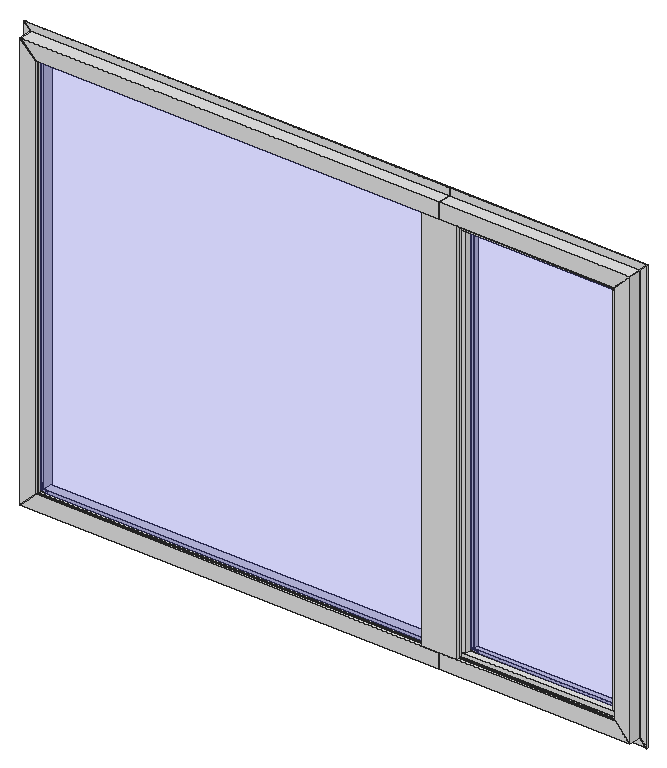
Revit family "511_CP_nailfin", category Windows, host Wall, Revit 2016
Family settings
  Host = Wall
  OmniClass Number = 23.30.20.00
  OmniClass Title = Windows
  Always vertical = Yes
  Cut with Voids When Loaded = No
  Shared = No
  Room Calculation Point = No
Parameters (values of type "96x66")
  MLW4 = 1 / 8 * Height  # 8 1/4"
  MLW3 = 2.811"
  MLW2 = 3.62422"
  MLW1 = 3.2495"
  MLH = 1 / 2 * Height  # 33"
  Interior Color [instance] = White
  Exterior Color [instance] = White
  Bar set = 30"
  Height = 66"
  Default Sill Height = 31.49606"
  Wall Closure = By host
  Width = 96"
Types (65): name | MLW4 | MLH | Interior Color | Exterior Color | Bar set | Height | Width
  (no name) | 8 1/4" | 33" | White | White | 30" | 66" | 96"
  48x36 | 4 1/2" | 18" | none | none | 24" | 36" | 48"
  72x48 | 6" | 24" | none | none | 36" | 48" | 72"
  25.5x19.75Min | 2 15/32" | 9 7/8" | none | none | 13 1/2" | 19 3/4" | 25 1/2"
  96x72Max | 9" | 36" | none | none | 30" | 72" | 96"
  36x24 | 3" | 12" | none | none | 18" | 24" | 36"
  60x48 | 6" | 24" | none | none | 30" | 48" | 60"
  30x24 | 3" | 12" | none | none | 18" | 24" | 30"
  30x30 | 3 3/4" | 15" | none | none | 18" | 30" | 30"
  30x36 | 4 1/2" | 18" | none | none | 18" | 36" | 30"
  30x42 | 5 1/4" | 21" | none | none | 18" | 42" | 30"
  30x48 | 6" | 24" | none | none | 18" | 48" | 30"
  30x54 | 6 3/4" | 27" | none | none | 18" | 54" | 30"
  36x30 | 3 3/4" | 15" | none | none | 18" | 30" | 36"
  36x36 | 4 1/2" | 18" | none | none | 18" | 36" | 36"
  36x42 | 5 1/4" | 21" | none | none | 18" | 42" | 36"
  36x48 | 6" | 24" | none | none | 18" | 48" | 36"
  36x54 | 6 3/4" | 27" | none | none | 18" | 54" | 36"
  42x24 | 3" | 12" | none | none | 24" | 24" | 42"
  42x30 | 3 3/4" | 15" | none | none | 24" | 30" | 42"
  42x36 | 4 1/2" | 18" | none | none | 24" | 36" | 42"
  42x42 | 5 1/4" | 21" | none | none | 24" | 42" | 42"
  42x48 | 6" | 24" | none | none | 24" | 48" | 42"
  42x54 | 6 3/4" | 27" | none | none | 24" | 54" | 42"
  42x60 | 7 1/2" | 30" | none | none | 24" | 60" | 42"
  48x30 | 3 3/4" | 15" | none | none | 24" | 30" | 48"
  48x42 | 5 1/4" | 21" | none | none | 24" | 42" | 48"
  48x48 | 6" | 24" | none | none | 24" | 48" | 48"
  48x54 | 6 3/4" | 27" | none | none | 24" | 54" | 48"
  48x60 | 7 1/2" | 30" | none | none | 24" | 60" | 48"
  48x66 | 8 1/4" | 33" | none | none | 24" | 66" | 48"
  54x30 | 3 3/4" | 15" | none | none | 30" | 30" | 54"
  54x36 | 4 1/2" | 18" | none | none | 30" | 36" | 54"
  54x42 | 5 1/4" | 21" | none | none | 30" | 42" | 54"
  54x48 | 6" | 24" | none | none | 30" | 48" | 54"
  54x54 | 6 3/4" | 27" | none | none | 30" | 54" | 54"
  54x60 | 7 1/2" | 30" | none | none | 30" | 60" | 54"
  54x66 | 8 1/4" | 33" | none | none | 30" | 66" | 54"
  54x72 | 9" | 36" | none | none | 30" | 72" | 54"
  60x36 | 4 1/2" | 18" | none | none | 30" | 36" | 60"
  60x42 | 5 1/4" | 21" | none | none | 30" | 42" | 60"
  60x54 | 6 3/4" | 27" | none | none | 30" | 54" | 60"
  60x60 | 7 1/2" | 30" | none | none | 30" | 60" | 60"
  60x66 | 8 1/4" | 33" | none | none | 30" | 66" | 60"
  60x72 | 9" | 36" | none | none | 30" | 72" | 60"
  66x36 | 4 1/2" | 18" | none | none | 30" | 36" | 66"
  66x42 | 5 1/4" | 21" | none | none | 30" | 42" | 66"
  66x48 | 6" | 24" | none | none | 30" | 48" | 66"
  66x54 | 6 3/4" | 27" | none | none | 30" | 54" | 66"
  66x60 | 7 1/2" | 30" | none | none | 30" | 60" | 66"
  66x66 | 8 1/4" | 33" | none | none | 30" | 66" | 66"
  66x72 | 8 1/4" | 33" | none | none | 30" | 66" | 66"
  72x54 | 6 3/4" | 27" | none | none | 36" | 54" | 72"
  72x60 | 7 1/2" | 30" | none | none | 36" | 60" | 72"
  72x66 | 8 1/4" | 33" | none | none | 30" | 66" | 72"
  72x72 | 9" | 36" | none | none | 30" | 72" | 72"
  90x54 | 6 3/4" | 27" | none | none | 36" | 54" | 90"
  90x48 | 6" | 24" | none | none | 36" | 48" | 90"
  90x60 | 7 1/2" | 30" | none | none | 36" | 60" | 90"
  90x66 | 8 1/4" | 33" | none | none | 30" | 66" | 90"
  90x72 | 9" | 36" | none | none | 30" | 72" | 90"
  96x48 | 6" | 24" | none | none | 36" | 48" | 96"
  96x54 | 6 3/4" | 27" | none | none | 36" | 54" | 96"
  96x60 | 7 1/2" | 30" | none | none | 36" | 60" | 96"
  96x66 | 8 1/4" | 33" | White | White | 30" | 66" | 96"
Reference planes (in)
  plane 1 "Center (Front/Back)": y = 0
  plane 2 "Center (Left/Right)": x = 0
  plane 3 "Left": x = -48
  plane 4 "Right": x = 48
  plane 5 "Sill": z = 31.49606
  plane 6 "Head": z = 97.49606
  plane 7 "Exterior": y = 3.93701
  plane 8 "Interior": y = -3.93701
  plane 9 "Front of wall": y = 3.93701
  plane 10 "MD": x = 18
  plane 11: z = 33.55806
  plane 12: z = 94.74656
  plane 13: x = -45.938
  plane 14: x = 15.56372
  plane 15: x = 45.2505
  plane 16: x = 21.11316
  plane 17 "MLW1": x = 21.62422
  plane 18 "MLW2": x = 44.7505
  plane 19: z = 34.24556
  plane 20: z = 95.43645
  plane 21 "Front of glass": y = 4.21901
Forms (in)
  Extrusion 1, solid, material "White" <- "Interior Color"
    sketch origin (18, 0, 0) x (0, 0, 1) y (0, 1, 0)
      loop
        line (95.12345, 1.88701) -> (97.49606, 1.88701) -> (97.49606, 3.93701) -> (98.62106, 3.93701) -> (98.62106, 4.01201) -> (97.49606, 4.01201) -> (97.49606, 5.07815) -> (97.47845, 5.10865) -> (97.47845, 5.26201) -> (97.51845, 5.26201) -> (97.51845, 5.38701) -> (96.93026, 5.38701) -> (96.84635, 4.78995) -> (94.9331, 4.78995) -> (94.9331, 3.25701) -> (95.43645, 3.25701) -> (95.43645, 2.51251) -> (94.93645, 2.51251) -> (94.93545, 2.26201) -> (95.12345, 2.26201) -> (95.12345, 1.88701)
    from 0 to 67.125
  Extrusion 2, solid, material "White" <- "Interior Color"
    sketch origin (48, 0, 0) x (0, -1, 0) y (0, 0, 1)
      loop
        line (-2.58701, 94.74656) -> (-2.26201, 94.74656) -> (-2.26201, 95.12106) -> (-1.88701, 95.12106) -> (-1.88701, 97.49606) -> (-3.93701, 97.49606) -> (-3.93701, 98.62106) -> (-4.01201, 98.62106) -> (-4.01201, 97.49606) -> (-5.07401, 97.49606) -> (-5.09784, 97.47606) -> (-5.26201, 97.47606) -> (-5.26201, 97.51606) -> (-5.38701, 97.51606) -> (-5.38701, 96.92787) -> (-5.03701, 96.87868) -> (-5.03701, 94.87156) -> (-4.99701, 94.87156) -> (-4.99701, 94.30847) -> (-4.25691, 94.30847) -> (-4.21901, 94.28424) -> (-4.21901, 94.74656) -> (-3.47451, 94.74656) -> (-3.47451, 94.24656) -> (-2.58701, 94.24656) -> (-2.58701, 94.74656)
    from -1.125 to 30
  Extrusion 3, solid, material "White" <- "Interior Color"
    sketch origin (0, 0, 60.49606) x (1, 0, 0) y (0, 1, 0)
      loop
        line (-47.3479, 4.78995) -> (-47.43181, 5.38701) -> (-48.02, 5.38701) -> (-48.02, 5.26201) -> (-47.98, 5.26201) -> (-47.98, 5.10865) -> (-48, 5.07401) -> (-48, 4.01201) -> (-49.125, 4.01201) -> (-49.125, 3.93701) -> (-48, 3.93701) -> (-48, 1.88701) -> (-45.625, 1.88701) -> (-45.625, 2.26201) -> (-45.43691, 2.26201) -> (-45.438, 2.51251) -> (-45.938, 2.51251) -> (-45.938, 3.25701) -> (-45.43465, 3.25701) -> (-45.43465, 4.78995) -> (-47.3479, 4.78995)
    from -30.125 to 38.125
  Extrusion 4, solid, material "White" <- "Interior Color"
    sketch origin (0, 0, 60.49606) x (1, 0, 0) y (0, 1, 0)
      loop
        line (47.38262, 5.03701) -> (45.3755, 5.03701) -> (45.3755, 4.99701) -> (44.8125, 4.99701) -> (44.8125, 4.25701) -> (44.7882, 4.21901) -> (45.2505, 4.21901) -> (45.2505, 3.47451) -> (44.7505, 3.47451) -> (44.7505, 2.58701) -> (45.437, 2.58701) -> (45.437, 2.26201) -> (45.625, 2.26201) -> (45.625, 1.88766) -> (48, 1.88766) -> (48, 3.93701) -> (49.125, 3.93701) -> (49.125, 4.01201) -> (48, 4.01201) -> (48, 5.07401) -> (47.98, 5.10257) -> (47.98, 5.26201) -> (48.02, 5.26201) -> (48.02, 5.38701) -> (47.43181, 5.38701) -> (47.38262, 5.03701)
    from -30.125 to 38.125
  Extrusion 5, solid, material "White" <- "Interior Color"
    sketch origin (0, 0, 60.49606) x (1, 0, 0) y (0, 1, 0)
      loop
        line (18.94291, 5.38701) -> (17.05709, 5.38701) -> (16.97262, 4.78995) -> (15.05937, 4.78995) -> (15.05937, 3.25701) -> (15.56372, 3.25701) -> (15.56372, 2.51251) -> (15.06272, 2.51251) -> (15.06172, 2.26201) -> (15.24947, 2.26201) -> (15.24947, 1.88701) -> (20.74972, 1.88701) -> (20.74972, 2.26201) -> (20.93772, 2.26201) -> (20.93772, 2.58667) -> (21.62422, 2.58667) -> (21.62422, 3.47451) -> (21.11316, 3.47451) -> (21.11316, 4.21901) -> (21.58652, 4.21901) -> (21.56222, 4.25701) -> (21.56222, 4.99701) -> (20.99922, 4.99701) -> (20.99922, 5.03901) -> (18.99182, 5.03901) -> (18.94291, 5.38701)
    from -29 to 38.125
  Sweep 6, void
    path in 3D
      loop
        line (43.65964, 9.24338, 97.49606) -> (43.65964, 3.93701, 97.49606)
    profile origin (43.65964, 6.59019, 97.49606) x (1, 0, 0) y (0, 0, 1)
      loop
        line (5.74842, 1.40806) -> (0.58224, 1.40806) -> (0.58224, -3.18759) -> (1.71586, -3.18759) -> (1.71586, -2.6245) -> (5.74842, 1.40806)
  Sweep 7, void
    path in 3D
      loop
        line (43.65964, 9.24338, 97.49606) -> (43.65964, 3.93701, 97.49606)
    profile origin (43.65964, 6.59019, 97.49606) x (1, 0, 0) y (0, 0, 1)
      loop
        line (1.71586, -2.6245) -> (1.71586, -3.72273) -> (5.86891, -3.72273) -> (5.86891, 1.52855) -> (1.71586, -2.6245)
  Sweep 8, void
    path in 3D
      loop
        line (16.6834, 9.24338, 97.49606) -> (16.6834, 3.93701, 97.49606)
    profile origin (16.6834, 6.59019, 97.49606) x (1, 0, 0) y (0, 0, 1)
      loop
        line (4.31641, -2.6245) -> (2.26009, -0.56819) -> (0.28922, -0.56819) -> (0.28922, -3.18759) -> (4.31641, -3.18759) -> (4.31641, -2.6245)
  Sweep 9, void
    path in 3D
      loop
        line (16.6834, 9.24338, 97.49606) -> (16.6834, 3.93701, 97.49606)
    profile origin (16.6834, 6.59019, 97.49606) x (1, 0, 0) y (0, 0, 1)
      loop
        line (-2.69994, -2.56296) -> (0.28922, -2.56296) -> (0.28922, -0.5658) -> (5.41319, -0.5658) -> (5.41319, 2.08282) -> (-2.69994, 2.08282) -> (-2.69994, -2.56296)
  Sweep 10, void
    path in 3D
      loop
        line (16.6834, 9.24338, 97.49606) -> (16.6834, 3.93701, 97.49606)
    profile origin (16.6834, 6.59019, 97.49606) x (1, 0, 0) y (0, 0, 1)
      loop
        line (2.19448, -0.50257) -> (4.31641, -2.6245) -> (4.31641, -3.18759) -> (5.81641, -3.18759) -> (5.81641, 1.71365) -> (2.19448, 1.71365) -> (2.19448, -0.50257)
  Sweep 11, void
    path in 3D
      loop
        line (44.89445, 8.88043, 31.49606) -> (44.89445, 3.93701, 31.49606)
    profile origin (44.89445, 6.40872, 31.49606) x (1, 0, 0) y (0, 0, 1)
      loop
        line (-0.96264, -2.12731) -> (5.23286, -2.12731) -> (0.48105, 2.6245) -> (0.48105, 3.18759) -> (-0.96264, 3.18759) -> (-0.96264, -2.12731)
  Sweep 12, void
    path in 3D
      loop
        line (44.89445, 8.88043, 31.49606) -> (44.89445, 3.93701, 31.49606)
    profile origin (44.89445, 6.40872, 31.49606) x (1, 0, 0) y (0, 0, 1)
      loop
        line (4.70345, 3.26396) -> (0.48105, 3.26396) -> (0.48105, 2.6245) -> (4.70345, -1.5979) -> (4.70345, 3.26396)
  Sweep 13, void
    path in 3D
      loop
        line (-43.92648, 8.93799, 97.49606) -> (-43.92648, 3.93701, 97.49606)
    profile origin (-43.92648, 6.4375, 97.49606) x (1, 0, 0) y (0, 0, 1)
      loop
        line (-5.40094, 1.32743) -> (-3.42142, -0.6521) -> (-3.42142, -2.56296) -> (-1.17142, -2.56296) -> (-1.17142, 1.32743) -> (-5.40094, 1.32743)
  Sweep 14, void
    path in 3D
      loop
        line (-43.92648, 8.93799, 97.49606) -> (-43.92648, 3.93701, 97.49606)
    profile origin (-43.92648, 6.4375, 97.49606) x (1, 0, 0) y (0, 0, 1)
      loop
        line (-6.42142, 2.3479) -> (-6.42142, -4.6521) -> (-3.42142, -4.6521) -> (-3.42142, -0.6521) -> (-6.42142, 2.3479)
  Sweep 15, void
    path in 3D
      loop
        line (-42.04638, 8.55906, 31.49606) -> (-42.04638, 3.93701, 31.49606)
    profile origin (-42.04638, 6.24804, 31.49606) x (1, 0, 0) y (0, 0, 1)
      loop
        line (-7.40404, -1.45042) -> (-5.30152, 0.6521) -> (-5.30152, 3.4021) -> (-7.40404, 3.4021) -> (-7.40404, -1.45042)
  Sweep 16, void
    path in 3D
      loop
        line (-42.04638, 8.55906, 31.49606) -> (-42.04638, 3.93701, 31.49606)
    profile origin (-42.04638, 6.24804, 31.49606) x (1, 0, 0) y (0, 0, 1)
      loop
        line (-7.54788, -1.59426) -> (-2.71073, -1.59426) -> (-2.71073, 2.56535) -> (-5.30152, 2.56535) -> (-5.30152, 0.6521) -> (-7.54788, -1.59426)
  Extrusion 17, void
    sketch origin (0, 3.93701, 0) x (1, 0, 0) y (0, 0, 1)
      loop
        line (-49.99016, 99.48622) -> (-49.99016, 94.88952) -> (-45.625, 94.88952) -> (-45.625, 95.12106) -> (-49.99016, 99.48622)
    from 0 to 12
  Extrusion 18, void
    sketch origin (0, 3.93701, 0) x (1, 0, 0) y (0, 0, 1)
      loop
        line (-49.7353, 99.23136) -> (-45.625, 95.12106) -> (-45.625, 94.93645) -> (-45.25723, 94.93645) -> (-45.25723, 99.23136) -> (-49.7353, 99.23136)
    from 0 to 12
  Extrusion 19, void
    sketch origin (0, 3.93701, 0) x (1, 0, 0) y (0, 0, 1)
      loop
        line (49.67949, 99.17555) -> (45.625, 95.12106) -> (45.625, 94.93306) -> (45.437, 94.93306) -> (45.437, 93.92014) -> (49.67949, 93.92014) -> (49.67949, 99.17555)
    from 0 to 12
  Extrusion 20, void
    sketch origin (0, 3.93701, 0) x (1, 0, 0) y (0, 0, 1)
      loop
        line (50, 99.49606) -> (44.687, 99.49606) -> (44.687, 94.24656) -> (45.437, 94.24656) -> (45.437, 94.93306) -> (45.625, 94.93306) -> (45.625, 95.12106) -> (50, 99.49606)
    from 0 to 12
  Extrusion 21, solid, material "Glass"
    sketch origin (0, 0, 60.49606) x (1, 0, 0) y (0, 1, 0)
      loop
        line (-45.938, 3.25701) -> (-45.938, 2.51251) -> (15.56372, 2.51251) -> (15.56372, 3.25701) -> (-45.938, 3.25701)
    from -26.938 to 34.94039
  Extrusion 22, solid, material "Glass"
    sketch origin (0, 0, 60.49606) x (1, 0, 0) y (0, 1, 0)
      loop
        line (45.2505, 4.21901) -> (21.11316, 4.21901) -> (21.11316, 3.47451) -> (45.2505, 3.47451) -> (45.2505, 4.21901)
    from -26.2505 to 34.2505
  Extrusion 23, solid, material "White" <- "Interior Color"
    sketch origin (0, 0, 0) x (0, -1, 0) y (0, 0, 1)
      loop
        line (-2.26201, 33.87106) -> (-2.26201, 34.06142) -> (-2.51251, 34.06142) -> (-2.51251, 33.55806) -> (-3.25701, 33.55806) -> (-3.25701, 34.06142) -> (-4.78995, 34.06142) -> (-4.78995, 32.14816) -> (-5.38701, 32.06425) -> (-5.38701, 31.47606) -> (-5.26201, 31.47606) -> (-5.26201, 31.51606) -> (-5.10865, 31.51606) -> (-5.07401, 31.49606) -> (-4.01201, 31.49606) -> (-4.01201, 30.37106) -> (-3.93701, 30.37106) -> (-3.93701, 31.49606) -> (-1.88701, 31.49606) -> (-1.88701, 33.87106) -> (-2.26201, 33.87106)
    from 49.125 to -18
  Extrusion 24, solid, material "White" <- "Interior Color"
    sketch origin (0, 0, 0) x (0, -1, 0) y (0, 0, 1)
      loop
        line (-3.47451, 34.24556) -> (-4.21901, 34.24556) -> (-4.21901, 34.70789) -> (-4.25691, 34.68366) -> (-4.99701, 34.68366) -> (-4.99701, 34.12056) -> (-5.03701, 34.12056) -> (-5.03701, 32.11344) -> (-5.38701, 32.06425) -> (-5.38701, 31.47606) -> (-5.26201, 31.47606) -> (-5.26201, 31.51606) -> (-5.09784, 31.51606) -> (-5.07401, 31.49606) -> (-4.01201, 31.49606) -> (-4.01201, 30.37106) -> (-3.93701, 30.37106) -> (-3.93701, 31.49606) -> (-1.88701, 31.49606) -> (-1.88701, 33.87106) -> (-2.26201, 33.87106) -> (-2.26201, 34.05906) -> (-2.51251, 34.05906) -> (-2.51251, 34.74556) -> (-3.47451, 34.74556) -> (-3.47451, 34.24556)
    from -18 to -49.125
  Extrusion 25, void
    sketch origin (0, 3.93701, 0) x (1, 0, 0) y (0, 0, 1)
      loop
        line (-44.69584, 34.05906) -> (-45.625, 34.05906) -> (-45.625, 33.87106) -> (-50.63022, 28.86585) -> (-44.69584, 28.86585) -> (-44.69584, 34.05906)
    from 0 to 12
  Extrusion 26, void
    sketch origin (0, 3.93701, 0) x (1, 0, 0) y (0, 0, 1)
      loop
        line (-50.23811, 29.25796) -> (-45.625, 33.87106) -> (-45.625, 34.87106) -> (-50.23811, 34.87106) -> (-50.23811, 29.25796)
    from 0 to 12
  Extrusion 27, void
    sketch origin (0, 3.93701, 0) x (1, 0, 0) y (0, 0, 1)
      loop
        line (43.95531, 34.74556) -> (43.95531, 30.29075) -> (49.20531, 30.29075) -> (45.625, 33.87106) -> (45.625, 34.05906) -> (45.437, 34.05906) -> (45.437, 34.74556) -> (43.95531, 34.74556)
    from 0 to 12
  Extrusion 28, void
    sketch origin (0, 3.93701, 0) x (1, 0, 0) y (0, 0, 1)
      loop
        line (51.75984, 27.73622) -> (51.75984, 35.24606) -> (45.625, 35.24606) -> (45.625, 33.87106) -> (51.75984, 27.73622)
    from 0 to 12
  Sweep 29, void
    path in 3D
      loop
        line (19.69304, 7.83127, 31.49606) -> (19.69304, 3.93701, 31.49606)
    profile origin (19.69304, 5.88414, 31.49606) x (1, 0, 0) y (0, 0, 1)
      loop
        line (2.70696, 3.18759) -> (1.30618, 3.18759) -> (1.30618, 2.6245) -> (-0.75013, 0.56819) -> (-2.72042, 0.56819) -> (-2.72042, 2.562) -> (-5.04304, 2.562) -> (-5.04304, -2.188) -> (2.70696, -2.188) -> (2.70696, 3.18759)
  Sweep 30, void
    path in 3D
      loop
        line (19.69304, 7.83127, 31.49606) -> (19.69304, 3.93701, 31.49606)
    profile origin (19.69304, 5.88414, 31.49606) x (1, 0, 0) y (0, 0, 1)
      loop
        line (1.30618, 3.42214) -> (-0.75013, 3.42214) -> (-0.75013, 0.56819) -> (1.30618, 2.6245) -> (1.30618, 3.42214)
  Extrusion 31, void
    sketch origin (0, 3.93701, 0) x (1, 0, 0) y (0, 0, 1)
      loop
        line (22.08815, 94.24656) -> (22.08815, 99.20972) -> (14.83815, 99.20972) -> (14.83815, 94.93306) -> (15.24947, 94.93306) -> (15.24947, 95.12106) -> (20.74972, 95.12106) -> (20.74972, 94.93306) -> (20.93772, 94.93306) -> (20.93772, 94.24656) -> (22.08815, 94.24656)
    from 0 to 12
  Extrusion 32, void
    sketch origin (0, 3.93701, 0) x (1, 0, 0) y (0, 0, 1)
      loop
        line (22.59904, 34.74556) -> (20.93772, 34.74556) -> (20.93772, 34.05906) -> (20.74972, 34.05906) -> (20.74972, 33.87106) -> (15.24947, 33.87106) -> (15.24947, 34.05906) -> (14.84904, 34.05906) -> (14.84904, 30.55906) -> (22.59904, 30.55906) -> (22.59904, 34.74556)
    from 0 to 12
Cuts and joins
  Sweep 6, Sweep 11, Extrusion 20, Extrusion 27 cuts Extrusion 4
  Sweep 7, Sweep 8, Extrusion 19 cuts Extrusion 2
  Sweep 9, Sweep 10, Sweep 29, Extrusion 31, Extrusion 32 cuts Extrusion 5
  Sweep 13, Sweep 16, Extrusion 18, Extrusion 25 cuts Extrusion 3
  Sweep 14, Extrusion 17 cuts Extrusion 1
  Sweep 12, Extrusion 28, Sweep 30 cuts Extrusion 24
  Sweep 15, Extrusion 26 cuts Extrusion 23
  Extrusion 25, Extrusion 26, Extrusion 31, Extrusion 32 cuts Extrusion 21
  Sweep 29, Extrusion 31, Extrusion 32 cuts Extrusion 22
Lines and regions (in)
  Opening 1
    outline origin (137.79528, -3.93701, 0) x (1, 0, 0) y (0, 0, 1)
      loop
        line (-89.79528, 31.49606) -> (-89.79528, 97.49606) -> (-185.79528, 97.49606) -> (-185.79528, 31.49606) -> (-89.79528, 31.49606)
  reference lines
    curve 1: line (-43.92648, 8.93799, 97.49606) -> (-43.92648, 3.93701, 97.49606)
    curve 2: line (-42.04638, 8.55906, 31.49606) -> (-42.04638, 3.93701, 31.49606)
    curve 3: line (16.6834, 9.24338, 97.49606) -> (16.6834, 3.93701, 97.49606)
    curve 4: line (43.65964, 9.24338, 97.49606) -> (43.65964, 3.93701, 97.49606)
    curve 5: line (44.89445, 8.88043, 31.49606) -> (44.89445, 3.93701, 31.49606)
    curve 17: line (21.62422, 3.93701, 94.24656) -> (44.7505, 3.93701, 64.49606)
    curve 18: line (44.7505, 3.93701, 64.49606) -> (21.62422, 3.93701, 34.74556)
    curve 21: line (19.69304, 7.83127, 31.49606) -> (19.69304, 3.93701, 31.49606)
    curve 24: line (-12.5, 3.93701, 66.99606) -> (-17.5, 3.93701, 66.99606)
    curve 25: line (-12.5, 3.93701, 61.99606) -> (-12.5, 3.93701, 66.99606)
    curve 26: line (-17.5, 3.93701, 61.99606) -> (-12.5, 3.93701, 61.99606)
    curve 27: line (-17.5, 3.93701, 66.99606) -> (-17.5, 3.93701, 61.99606)
    curve 31: line (-15, 3.93701, 61.99606) -> (-15, 3.93701, 68.49606)
    curve 32: line (-12.5, 3.93701, 64.49606) -> (-20, 3.93701, 64.49606)
    curve 35: line (-12.5, 0, 66.99606) -> (-17.5, 0, 66.99606)
    curve 36: line (-12.5, 0, 61.99606) -> (-12.5, 0, 66.99606)
    curve 37: line (-17.5, 0, 61.99606) -> (-12.5, 0, 61.99606)
    curve 38: line (-17.5, 0, 66.99606) -> (-17.5, 0, 61.99606)
    curve 39: line (-15, 0, 61.99606) -> (-15, 0, 69.49606)
    curve 40: line (-12.5, 0, 64.49606) -> (-19.5, 0, 64.49606)
  sketch lines
    curve 6: line (43.65964, 9.24338, 97.49606) -> (43.65964, 3.93701, 97.49606)
    curve 7: line (43.65964, 9.24338, 97.49606) -> (43.65964, 3.93701, 97.49606)
    curve 8: line (16.6834, 9.24338, 97.49606) -> (16.6834, 3.93701, 97.49606)
    curve 9: line (16.6834, 9.24338, 97.49606) -> (16.6834, 3.93701, 97.49606)
    curve 10: line (16.6834, 9.24338, 97.49606) -> (16.6834, 3.93701, 97.49606)
    curve 11: line (44.89445, 8.88043, 31.49606) -> (44.89445, 3.93701, 31.49606)
    curve 12: line (44.89445, 8.88043, 31.49606) -> (44.89445, 3.93701, 31.49606)
    curve 13: line (-43.92648, 8.93799, 97.49606) -> (-43.92648, 3.93701, 97.49606)
    curve 14: line (-43.92648, 8.93799, 97.49606) -> (-43.92648, 3.93701, 97.49606)
    curve 15: line (-42.04638, 8.55906, 31.49606) -> (-42.04638, 3.93701, 31.49606)
    curve 16: line (-42.04638, 8.55906, 31.49606) -> (-42.04638, 3.93701, 31.49606)
    curve 22: line (19.69304, 7.83127, 31.49606) -> (19.69304, 3.93701, 31.49606)
    curve 23: line (19.69304, 7.83127, 31.49606) -> (19.69304, 3.93701, 31.49606)
  model lines
    curve 19: line (44.7505, 4.21901, 64.49606) -> (21.62422, 4.21901, 94.24656)
    curve 20: line (44.7505, 4.21901, 64.49606) -> (21.62422, 4.21901, 34.74556)
    curve 28: line (-12.5, 3.93701, 66.99606) -> (-17.5, 3.93701, 61.99606)
    curve 29: line (-17.5, 3.93701, 64.49606) -> (-15, 3.93701, 66.99606)
    curve 30: line (-15, 3.93701, 61.99606) -> (-12.5, 3.93701, 64.49606)
  symbolic lines
    curve 33: line (21.62422, 3.93701, 94.24656) -> (44.7505, 3.93701, 64.49606)
    curve 34: line (44.7505, 3.93701, 64.49606) -> (21.62422, 3.93701, 34.74556)
    curve 41: line (-15, 0, 61.99606) -> (-12.5, 0, 64.49606)
    curve 42: line (-15, 0, 66.99606) -> (-17.5, 0, 64.49606)
    curve 43: line (-17.5, 0, 61.99606) -> (-12.5, 0, 66.99606)
Text (in)
  text "EXTERIOR" at (-77.29147, 52.45485, 0), in view "Ref. Level"
  text "INTERIOR" at (-78.01048, -32.21994, 0), in view "Ref. Level"
  text "Exterior" at (0, 36.36817, 115.8778), in view "Right"
  text "Exterior" at (0, 40.96394, 105.72475), in view "Left"
Dimensions and locks (in)
  equal spacing: plane 3 "Left", plane 2 "Center (Left/Right)", plane 4 "Right"
  "Width": plane 3 "Left" to plane 4 "Right"
  "Height": plane 5 "Sill" to plane 6 "Head"
  "Default Sill Height": plane 5 "Sill" to level
  locked: plane 7 "Exterior" to host wall at 0
  locked: plane 8 "Interior" to host wall
  "Bar set": plane 10 "MD" to plane 4 "Right"
  locked: plane 5 "Sill" to plane 11 at 2.062
  locked: plane 9 "Front of wall" to Extrusion 1 sketch curve at 2.05
  locked: Extrusion 1 sketch curve to Extrusion 1 sketch curve at 2.37261
  locked: plane 6 "Head" to Extrusion 1 sketch curve at 1.125
  locked: plane 12 to plane 6 "Head" at 2.7495
  locked: Extrusion 2 sketch curve to Extrusion 2 sketch curve at 2.375
  locked: plane 9 "Front of wall" to Extrusion 2 sketch curve at 2.05
  locked: plane 6 "Head" to Extrusion 2 sketch curve at 1.125
  locked: plane 15 to plane 4 "Right" at 2.7495
  locked: plane 14 to plane 10 "MD" at 2.43628
  locked: plane 3 "Left" to plane 13 at 2.062
  locked: Extrusion 3 sketch curve to plane 9 "Front of wall" at 2.05
  locked: Extrusion 3 sketch curve to Extrusion 3 sketch curve at 2.375
  locked: Extrusion 3 sketch curve to plane 3 "Left" at 1.125
  locked: Extrusion 4 sketch curve to plane 9 "Front of wall" at 2.04934
  locked: Extrusion 4 sketch curve to Extrusion 4 sketch curve at 2.375
  locked: plane 4 "Right" to Extrusion 4 sketch curve at 1.125
  locked: plane 10 "MD" to plane 16 at 3.11316
  locked: Extrusion 5 sketch curve to Extrusion 5 sketch curve at 5.50026
  locked: Extrusion 5 sketch curve to plane 10 "MD" at 2.94063
  locked: plane 10 "MD" to Extrusion 5 sketch curve at 3.62422
  locked: Extrusion 22 sketch curve to plane 9 "Front of wall" at 0.4625
  "MLW2": plane 17 "MLW1" to plane 10 "MD"
  "MLW1": plane 18 "MLW2" to plane 4 "Right"
  locked: cut or joined group of Extrusion 5, Sweep 9, Sweep 10, Sweep 29, Extrusion 31, Extrusion 32 to plane 9 "Front of wall" at 2.05
  locked: Extrusion 23 sketch curve to plane 5 "Sill" at 1.125
  locked: plane 9 "Front of wall" to Extrusion 23 sketch curve at 2.05
  locked: Extrusion 23 sketch curve to Extrusion 23 sketch curve at 2.375
  locked: plane 5 "Sill" to plane 19 at 2.7495
  locked: Extrusion 24 sketch curve to plane 5 "Sill" at 1.125
  locked: plane 9 "Front of wall" to Extrusion 24 sketch curve at 2.05
  locked: Extrusion 24 sketch curve to Extrusion 24 sketch curve at 2.375
  "MLH": plane 5 "Sill" to curve 18
  "MLH": curve 17 to plane 6 "Head"
  "MLW1": curve 17 to plane 6 "Head"
  "MLW1": plane 5 "Sill" to curve 18
  locked: plane 20 to plane 6 "Head" at 2.05961
  locked: plane 21 "Front of glass" to plane 9 "Front of wall" at 0.282
  equal spacing: curve 29, curve 28, curve 30
  locked: curve 25 to curve 27 at 5
  locked: curve 26 to curve 24 at 5
  equal spacing: curve 27, curve 31, curve 25
  equal spacing: curve 26, curve 32, curve 24
  equal spacing: plane 5 "Sill", curve 32, plane 6 "Head"
  equal spacing: plane 3 "Left", curve 31, plane 10 "MD"
  locked: curve 36 to curve 38 at 5
  locked: curve 37 to curve 35 at 5
  equal spacing: curve 38, curve 39, curve 36
  equal spacing: curve 37, curve 40, curve 35
  locked: curve 38 to curve 42 at 2.5
  locked: curve 38 to curve 41 at 2.5
  locked: curve 41 to curve 37 at 2.5
  locked: curve 42 to curve 37 at 2.5
  locked: curve 36 to curve 43 at 5
  equal spacing: plane 6 "Head", curve 40, plane 5 "Sill"
  equal spacing: plane 3 "Left", curve 39, plane 10 "MD"
  aligned and locked: plane 9 "Front of wall" to host wall
  aligned and locked: plane 9 "Front of wall" to Extrusion 1 sketch curve
  aligned and locked: Extrusion 1 sketch curve to plane 6 "Head"  (x2)
  aligned and locked: plane 12 to Extrusion 2 sketch curve
  aligned and locked: Extrusion 2 sketch curve to plane 6 "Head"  (x2)
  aligned and locked: plane 9 "Front of wall" to Extrusion 2 sketch curve
  aligned and locked: Extrusion 3 sketch curve to plane 9 "Front of wall"
  aligned and locked: Extrusion 3 sketch curve to plane 3 "Left"  (x2)
  aligned and locked: plane 13 to Extrusion 3 sketch curve
  aligned and locked: plane 9 "Front of wall" to Extrusion 4 sketch curve
  aligned and locked: Extrusion 4 sketch curve to plane 4 "Right"  (x2)
  aligned and locked: plane 15 to Extrusion 4 sketch curve
  aligned and locked: Extrusion 3 to Extrusion 1  (x2)
  aligned and locked: Extrusion 2 to Extrusion 4  (x2)
  aligned and locked: plane 10 "MD" to Extrusion 2
  aligned and locked: Extrusion 1 to plane 10 "MD"
  aligned and locked: Extrusion 5 sketch curve to plane 14
  aligned and locked: plane 16 to Extrusion 5 sketch curve
  aligned and locked: Extrusion 1 to Extrusion 5
  aligned and locked: plane 9 "Front of wall" to curve 5
  aligned and locked: plane 9 "Front of wall" to curve 4
  aligned and locked: plane 9 "Front of wall" to curve 3
  aligned and locked: plane 9 "Front of wall" to curve 1
  aligned and locked: plane 9 "Front of wall" to curve 2
  aligned and locked: plane 13 to Extrusion 21 sketch curve
  aligned and locked: Extrusion 21 sketch curve to plane 14
  aligned and locked: plane 16 to Extrusion 22 sketch curve
  aligned and locked: Extrusion 22 sketch curve to plane 15
  aligned and locked: Extrusion 22 to plane 12
  aligned and locked: Extrusion 23 sketch curve to plane 11
  aligned and locked: plane 5 "Sill" to Extrusion 23 sketch curve  (x2)
  aligned and locked: plane 9 "Front of wall" to Extrusion 23 sketch curve
  aligned and locked: plane 11 to Extrusion 21
  aligned and locked: plane 19 to Extrusion 24 sketch curve
  aligned and locked: Extrusion 24 sketch curve to plane 5 "Sill"
  aligned and locked: Extrusion 24 sketch curve to plane 9 "Front of wall"
  aligned and locked: plane 19 to Extrusion 22
  aligned and locked: cut or joined group of Extrusion 4, Sweep 6, Sweep 11, Extrusion 20, Extrusion 27 to Extrusion 24
  aligned and locked: Extrusion 24 to cut or joined group of Extrusion 4, Sweep 6, Sweep 11, Extrusion 20, Extrusion 27
  aligned and locked: Extrusion 23 to cut or joined group of Extrusion 3, Sweep 13, Sweep 16, Extrusion 18, Extrusion 25  (x2)
  aligned and locked: Extrusion 23 to plane 10 "MD"
  aligned and locked: plane 10 "MD" to Extrusion 24
  aligned and locked: plane 5 "Sill" to cut or joined group of Extrusion 5, Sweep 9, Sweep 10, Sweep 29, Extrusion 31, Extrusion 32
  aligned and locked: plane 18 "MLW2" to curve 17
  aligned and locked: plane 18 "MLW2" to curve 18
  aligned and locked: curve 17 to plane 17 "MLW1"
  aligned and locked: plane 17 "MLW1" to curve 18
  aligned and locked: curve 18 to curve 20
  aligned and locked: curve 19 to curve 17
  aligned and locked: plane 9 "Front of wall" to curve 21
  aligned and locked: cut or joined group of Extrusion 21, Extrusion 25, Extrusion 26, Extrusion 31, Extrusion 32 to plane 20
  aligned and locked: Extrusion 28 sketch curve to cut or joined group of Extrusion 4, Sweep 6, Sweep 11, Extrusion 20, Extrusion 27
  aligned and locked: curve 24 to curve 27
  aligned and locked: curve 27 to curve 27
  aligned and locked: curve 25 to curve 25
  aligned and locked: curve 27 to curve 28
  aligned and locked: curve 28 to curve 24
  aligned and locked: curve 24 to curve 29
  aligned and locked: curve 27 to curve 29
  aligned and locked: curve 26 to curve 30
  aligned and locked: curve 25 to curve 30
  aligned and locked: curve 18 to curve 34
  aligned and locked: curve 17 to curve 33
  aligned and locked: curve 35 to curve 38
  aligned and locked: curve 38 to curve 38
  aligned and locked: curve 36 to curve 36
  aligned and locked: curve 38 to curve 42
  aligned and locked: curve 37 to curve 41
  aligned and locked: curve 36 to curve 41
  aligned and locked: curve 35 to curve 42
  aligned and locked: curve 36 to curve 43
  aligned and locked: curve 43 to curve 37
Automatic sketch dimensions
  curve 1 to plane 13 = 2.01152"
  host wall to curve 1 = 5.00098"
  curve 3 to plane 14 = 1.11968"
  host wall to curve 3 = 5.30637"
  plane 15 to curve 4 = 1.59086"
  host wall to curve 4 = 5.30637"
  Sweep 6 sketch curve to profile plane = 0.58224"
  Sweep 6 sketch curve to Sweep 6 sketch curve = 1.13362"
  Sweep 6 sketch curve to profile plane = 3.18759"
  Sweep 6 sketch curve to Sweep 6 sketch curve = 0.56309"
  Sweep 6 sketch curve to Sweep 6 sketch curve = 5.16617"
  profile plane to Sweep 6 sketch curve = 1.40806"
  Sweep 7 sketch curve to profile plane = 1.71586"
  Sweep 7 sketch curve to profile plane = 3.72273"
  Sweep 7 sketch curve to Sweep 7 sketch curve = 1.09823"
  profile plane to Sweep 7 sketch curve = 1.52855"
  Sweep 7 sketch curve to Sweep 7 sketch curve = 4.15305"
  Sweep 8 sketch curve to profile plane = 0.28922"
  Sweep 8 sketch curve to profile plane = 0.56819"
  Sweep 8 sketch curve to Sweep 8 sketch curve = 1.97088"
  Sweep 8 sketch curve to Sweep 8 sketch curve = 2.6194"
  Sweep 8 sketch curve to Sweep 8 sketch curve = 2.05631"
  Sweep 8 sketch curve to Sweep 8 sketch curve = 0.56309"
  Sweep 9 sketch curve to profile plane = 0.28922"
  profile plane to Sweep 9 sketch curve = 2.08282"
  Sweep 9 sketch curve to profile plane = 5.41319"
  Sweep 9 sketch curve to profile plane = 0.5658"
  Sweep 9 sketch curve to Sweep 9 sketch curve = 1.99716"
  profile plane to Sweep 9 sketch curve = 2.69994"
  Sweep 10 sketch curve to profile plane = 0.50257"
  Sweep 10 sketch curve to profile plane = 2.19448"
  Sweep 10 sketch curve to Sweep 10 sketch curve = 2.12193"
  profile plane to Sweep 10 sketch curve = 1.71365"
  Sweep 10 sketch curve to Sweep 10 sketch curve = 3.62193"
  Sweep 10 sketch curve to profile plane = 2.6245"
  Sweep 10 sketch curve to Sweep 10 sketch curve = 0.56309"
  profile plane to Sweep 13 sketch curve = 3.42142"
  profile plane to Sweep 13 sketch curve = 1.17142"
  Sweep 13 sketch curve to profile plane = 2.56296"
  Sweep 13 sketch curve to profile plane = 0.6521"
  Sweep 13 sketch curve to Sweep 13 sketch curve = 1.97953"
  profile plane to Sweep 13 sketch curve = 1.32743"
  profile plane to Sweep 14 sketch curve = 3.42142"
  Sweep 14 sketch curve to profile plane = 4.6521"
  Sweep 14 sketch curve to profile plane = 0.6521"
  Sweep 14 sketch curve to Sweep 14 sketch curve = 3"
  profile plane to Sweep 14 sketch curve = 2.3479"
  curve 2 to plane 13 = 3.89162"
  host wall to curve 2 = 4.62205"
  plane 18 "MLW2" to curve 5 = 0.14395"
  host wall to curve 5 = 4.94342"
  plane 3 "Left" to Opening 1 sketch curve = 0"
  plane 4 "Right" to Opening 1 sketch curve = 0"
  Opening 1 sketch curve to plane 5 "Sill" = 0"
  Opening 1 sketch curve to plane 6 "Head" = 0"
  Extrusion 1 sketch curve to Extrusion 1 sketch curve = 0.188"
  Extrusion 1 sketch curve to plane 12 = 0.18654"
  plane 6 "Head" to Extrusion 1 sketch curve = 0.64971"
  plane 6 "Head" to Extrusion 1 sketch curve = 0.5658"
  plane 6 "Head" to Extrusion 1 sketch curve = 0.01761"
  Extrusion 1 sketch curve to plane 6 "Head" = 0.02239"
  Extrusion 1 sketch curve to Extrusion 1 sketch curve = 3/8"
  Extrusion 1 sketch curve to Extrusion 1 sketch curve = 0.7445"
  host wall to Extrusion 1 sketch curve = 0.075"
  host wall to Extrusion 1 sketch curve = 0.85294"
  Extrusion 1 sketch curve to Extrusion 1 sketch curve = 0.2882"
  Extrusion 1 sketch curve to Extrusion 1 sketch curve = 0.0305"
  Extrusion 1 sketch curve to Extrusion 1 sketch curve = 0.15336"
  Extrusion 1 sketch curve to Extrusion 1 sketch curve = 1/8"
  Extrusion 2 sketch curve to Extrusion 2 sketch curve = 0.075"
  Extrusion 2 sketch curve to Extrusion 2 sketch curve = 0.0379"
  Extrusion 2 sketch curve to plane 12 = 1/8"
  Extrusion 2 sketch curve to Extrusion 2 sketch curve = 0.778"
  Extrusion 2 sketch curve to Extrusion 2 sketch curve = 0.04"
  Extrusion 2 sketch curve to Extrusion 2 sketch curve = 0.037"
  Extrusion 2 sketch curve to Extrusion 2 sketch curve = 0.02384"
  plane 6 "Head" to Extrusion 2 sketch curve = 0.02"
  Extrusion 2 sketch curve to Extrusion 2 sketch curve = 0.16416"
  plane 6 "Head" to Extrusion 2 sketch curve = 0.56819"
  Extrusion 2 sketch curve to Extrusion 2 sketch curve = 0.35"
  Extrusion 2 sketch curve to plane 12 = 0"
  Extrusion 2 sketch curve to Extrusion 2 sketch curve = 0.7"
  Extrusion 2 sketch curve to Extrusion 2 sketch curve = 0.325"
  plane 12 to Extrusion 2 sketch curve = 0.43809"
  Extrusion 2 sketch curve to Extrusion 2 sketch curve = 0.02423"
  Extrusion 2 sketch curve to Extrusion 2 sketch curve = 0.04919"
  Extrusion 2 sketch curve to plane 6 "Head" = 0.02"
  plane 3 "Left" to Extrusion 3 sketch curve = 0.02"
  Extrusion 3 sketch curve to plane 3 "Left" = 0.02"
  Extrusion 3 sketch curve to Extrusion 3 sketch curve = 0.54819"
  Extrusion 3 sketch curve to Extrusion 3 sketch curve = 0.08391"
  Extrusion 3 sketch curve to Extrusion 3 sketch curve = 0.18809"
  Extrusion 3 sketch curve to plane 13 = 0.50335"
  Extrusion 3 sketch curve to Extrusion 3 sketch curve = 3/8"
  Extrusion 3 sketch curve to Extrusion 3 sketch curve = 0.2505"
  host wall to Extrusion 3 sketch curve = 0.075"
  host wall to Extrusion 3 sketch curve = 0.85294"
  Extrusion 3 sketch curve to Extrusion 3 sketch curve = 0.28406"
  Extrusion 3 sketch curve to Extrusion 3 sketch curve = 0.03464"
  Extrusion 3 sketch curve to Extrusion 3 sketch curve = 0.15336"
  Extrusion 3 sketch curve to Extrusion 3 sketch curve = 1/8"
  Extrusion 4 sketch curve to plane 18 "MLW2" = 0"
  plane 18 "MLW2" to Extrusion 4 sketch curve = 0.0377"
  plane 18 "MLW2" to Extrusion 4 sketch curve = 0.062"
  Extrusion 4 sketch curve to plane 15 = 1/8"
  Extrusion 4 sketch curve to plane 15 = 0.1865"
  plane 4 "Right" to Extrusion 4 sketch curve = 0.61738"
  Extrusion 4 sketch curve to Extrusion 4 sketch curve = 0.04919"
  plane 4 "Right" to Extrusion 4 sketch curve = 0.02"
  Extrusion 4 sketch curve to plane 4 "Right" = 0.02"
  Extrusion 4 sketch curve to Extrusion 4 sketch curve = 0.37434"
  Extrusion 4 sketch curve to Extrusion 4 sketch curve = 0.325"
  Extrusion 4 sketch curve to host wall = 0.4625"
  host wall to Extrusion 4 sketch curve = 0.075"
  Extrusion 4 sketch curve to Extrusion 4 sketch curve = 0.038"
  Extrusion 4 sketch curve to Extrusion 4 sketch curve = 0.74001"
  Extrusion 4 sketch curve to Extrusion 4 sketch curve = 0.03999"
  Extrusion 4 sketch curve to Extrusion 4 sketch curve = 0.037"
  Extrusion 4 sketch curve to Extrusion 4 sketch curve = 0.02856"
  Extrusion 4 sketch curve to Extrusion 4 sketch curve = 0.15944"
  Extrusion 4 sketch curve to Extrusion 4 sketch curve = 1/8"
  plane 14 to Extrusion 5 sketch curve = 0.502"
  Extrusion 5 sketch curve to Extrusion 5 sketch curve = 0.001"
  plane 14 to Extrusion 5 sketch curve = 0.31426"
  plane 10 "MD" to Extrusion 5 sketch curve = 1.02738"
  Extrusion 5 sketch curve to Extrusion 5 sketch curve = 0.08446"
  Extrusion 5 sketch curve to plane 10 "MD" = 0.94291"
  Extrusion 5 sketch curve to Extrusion 5 sketch curve = 0.04891"
  plane 16 to Extrusion 5 sketch curve = 0.17544"
  plane 16 to Extrusion 5 sketch curve = 0.11394"
  Extrusion 5 sketch curve to plane 17 "MLW1" = 0.062"
  Extrusion 5 sketch curve to plane 17 "MLW1" = 0.0377"
  Extrusion 5 sketch curve to Extrusion 5 sketch curve = 3/8"  (x2)
  Extrusion 5 sketch curve to Extrusion 5 sketch curve = 0.2505"
  Extrusion 5 sketch curve to Extrusion 5 sketch curve = 0.32466"
  Extrusion 5 sketch curve to host wall = 0.4625"
  Extrusion 5 sketch curve to Extrusion 5 sketch curve = 0.038"
  host wall to Extrusion 5 sketch curve = 0.85294"
  Extrusion 5 sketch curve to Extrusion 5 sketch curve = 0.77801"
  Extrusion 5 sketch curve to Extrusion 5 sketch curve = 0.04199"
  Extrusion 5 sketch curve to Extrusion 5 sketch curve = 0.59706"
  plane 3 "Left" to Extrusion 17 sketch curve = 1.99016"
  Extrusion 17 sketch curve to plane 12 = 0.14295"
  Extrusion 17 sketch curve to plane 13 = 0.313"
  Extrusion 17 sketch curve to Extrusion 17 sketch curve = 0.23155"
  Extrusion 17 sketch curve to plane 6 "Head" = 1.99016"
  plane 3 "Left" to Extrusion 18 sketch curve = 1.7353"
  Extrusion 18 sketch curve to plane 13 = 0.313"
  Extrusion 18 sketch curve to plane 13 = 0.68077"
  Extrusion 18 sketch curve to plane 12 = 0.18989"
  Extrusion 18 sketch curve to Extrusion 18 sketch curve = 0.18461"
  Extrusion 18 sketch curve to plane 6 "Head" = 1.7353"
  Extrusion 19 sketch curve to plane 15 = 0.1865"
  Extrusion 19 sketch curve to Extrusion 19 sketch curve = 0.188"  (x2)
  Extrusion 19 sketch curve to plane 4 "Right" = 1.67949"
  plane 12 to Extrusion 19 sketch curve = 0.82642"
  Extrusion 19 sketch curve to plane 12 = 0.1865"
  Extrusion 19 sketch curve to plane 6 "Head" = 1.67949"
  Extrusion 20 sketch curve to plane 18 "MLW2" = 0.0635"
  Extrusion 20 sketch curve to plane 15 = 0.1865"
  Extrusion 20 sketch curve to Extrusion 20 sketch curve = 0.188"  (x2)
  Extrusion 20 sketch curve to plane 4 "Right" = 2"
  plane 12 to Extrusion 20 sketch curve = 1/2"
  Extrusion 20 sketch curve to plane 12 = 0.1865"
  Extrusion 20 sketch curve to plane 6 "Head" = 2"
  Extrusion 23 sketch curve to Extrusion 23 sketch curve = 0.075"
  host wall to Extrusion 23 sketch curve = 0.85294"
  Extrusion 23 sketch curve to Extrusion 23 sketch curve = 0.28406"
  Extrusion 23 sketch curve to Extrusion 23 sketch curve = 0.03464"
  plane 5 "Sill" to Extrusion 23 sketch curve = 0.02"
  Extrusion 23 sketch curve to Extrusion 23 sketch curve = 0.15336"
  Extrusion 23 sketch curve to Extrusion 23 sketch curve = 1/8"
  Extrusion 23 sketch curve to host wall = 0.68"
  Extrusion 23 sketch curve to Extrusion 23 sketch curve = 0.2505"
  Extrusion 23 sketch curve to plane 5 "Sill" = 0.02"
  Extrusion 23 sketch curve to Extrusion 23 sketch curve = 0.54819"
  Extrusion 23 sketch curve to Extrusion 23 sketch curve = 0.08391"
  Extrusion 23 sketch curve to Extrusion 23 sketch curve = 0.19035"
  plane 5 "Sill" to Extrusion 24 sketch curve = 0"
  host wall to Extrusion 24 sketch curve = 0.075"
  Extrusion 24 sketch curve to Extrusion 24 sketch curve = 0.0379"
  plane 19 to Extrusion 24 sketch curve = 1/8"
  Extrusion 24 sketch curve to Extrusion 24 sketch curve = 0.778"
  Extrusion 24 sketch curve to Extrusion 24 sketch curve = 0.04"
  Extrusion 24 sketch curve to Extrusion 24 sketch curve = 0.037"
  Extrusion 24 sketch curve to Extrusion 24 sketch curve = 0.02384"
  Extrusion 24 sketch curve to plane 5 "Sill" = 0.02"
  Extrusion 24 sketch curve to Extrusion 24 sketch curve = 0.16416"
  plane 5 "Sill" to Extrusion 24 sketch curve = 0.02"
  Extrusion 24 sketch curve to Extrusion 24 sketch curve = 1/8"
  Extrusion 24 sketch curve to Extrusion 24 sketch curve = 0.2505"
  Extrusion 24 sketch curve to Extrusion 24 sketch curve = 3/8"
  Extrusion 24 sketch curve to Extrusion 24 sketch curve = 0.54819"
  Extrusion 24 sketch curve to Extrusion 24 sketch curve = 0.04919"
  plane 19 to Extrusion 24 sketch curve = 0.1865"
  Extrusion 24 sketch curve to plane 19 = 0.43809"
  Extrusion 24 sketch curve to Extrusion 24 sketch curve = 0.02423"
  Sweep 12 sketch curve to profile plane = 0.48105"
  profile plane to Sweep 12 sketch curve = 2.6245"
  Sweep 12 sketch curve to Sweep 12 sketch curve = 0.63946"
  Sweep 12 sketch curve to profile plane = 1.5979"
  Sweep 12 sketch curve to Sweep 12 sketch curve = 4.2224"
  Sweep 11 sketch curve to profile plane = 0.48105"
  profile plane to Sweep 11 sketch curve = 2.6245"
  Sweep 11 sketch curve to Sweep 11 sketch curve = 0.56309"
  profile plane to Sweep 11 sketch curve = 0.96264"
  Sweep 11 sketch curve to profile plane = 5.23286"
  Sweep 11 sketch curve to profile plane = 2.12731"
  profile plane to Sweep 15 sketch curve = 5.30152"
  profile plane to Sweep 15 sketch curve = 0.6521"
  Sweep 15 sketch curve to Sweep 15 sketch curve = 2 3/4"
  Sweep 15 sketch curve to Sweep 15 sketch curve = 2.10252"
  Sweep 15 sketch curve to profile plane = 1.45042"
  profile plane to Sweep 16 sketch curve = 0.6521"
  profile plane to Sweep 16 sketch curve = 5.30152"
  Sweep 16 sketch curve to Sweep 16 sketch curve = 2.59079"
  profile plane to Sweep 16 sketch curve = 2.56535"
  Sweep 16 sketch curve to Sweep 16 sketch curve = 2.24636"
  Sweep 16 sketch curve to profile plane = 1.59426"
  plane 3 "Left" to Extrusion 25 sketch curve = 2.63022"
  Extrusion 25 sketch curve to plane 13 = 0.313"
  plane 5 "Sill" to Extrusion 25 sketch curve = 2.63022"
  Extrusion 25 sketch curve to plane 11 = 0.313"
  plane 19 to Extrusion 25 sketch curve = 0.1865"
  Extrusion 25 sketch curve to Extrusion 25 sketch curve = 0.92916"
  plane 5 "Sill" to Extrusion 26 sketch curve = 2.23811"
  Extrusion 26 sketch curve to plane 13 = 0.313"
  Extrusion 26 sketch curve to plane 11 = 0.313"
  Extrusion 26 sketch curve to plane 19 = 0.6255"
  plane 3 "Left" to Extrusion 26 sketch curve = 2.23811"
  Extrusion 27 sketch curve to plane 15 = 0.1865"
  Extrusion 27 sketch curve to Extrusion 27 sketch curve = 0.188"
  Extrusion 27 sketch curve to plane 4 "Right" = 1.20531"
  plane 5 "Sill" to Extrusion 27 sketch curve = 1.20531"
  Extrusion 27 sketch curve to plane 11 = 0.313"
  plane 19 to Extrusion 27 sketch curve = 0.1865"
  Extrusion 27 sketch curve to plane 19 = 1/2"
  Extrusion 27 sketch curve to plane 18 "MLW2" = 0.79519"
  Extrusion 1 sketch curve to Extrusion 1 sketch curve = 0.313"
  plane 16 to curve 21 = 1.42012"
  host wall to curve 21 = 3.89427"
  Sweep 29 sketch curve to profile plane = 2.188"
  profile plane to Sweep 29 sketch curve = 5.04304"
  Sweep 29 sketch curve to Sweep 29 sketch curve = 2.32262"
  profile plane to Sweep 29 sketch curve = 0.75013"
  Sweep 29 sketch curve to profile plane = 1.30618"
  profile plane to Sweep 29 sketch curve = 0.56819"
  Sweep 29 sketch curve to Sweep 29 sketch curve = 1.99381"
  profile plane to Sweep 29 sketch curve = 2.6245"
  Sweep 29 sketch curve to Sweep 29 sketch curve = 0.56309"
  Sweep 29 sketch curve to Sweep 29 sketch curve = 1.40078"
  profile plane to Sweep 30 sketch curve = 0.75013"
  Sweep 30 sketch curve to profile plane = 1.30618"
  profile plane to Sweep 30 sketch curve = 0.56819"
  profile plane to Sweep 30 sketch curve = 2.6245"
  Sweep 30 sketch curve to Sweep 30 sketch curve = 0.79764"
  plane 14 to Extrusion 31 sketch curve = 0.72558"
  plane 14 to Extrusion 31 sketch curve = 0.31426"
  plane 16 to Extrusion 31 sketch curve = 0.36344"
  plane 16 to Extrusion 31 sketch curve = 0.17544"
  plane 12 to Extrusion 31 sketch curve = 1/2"
  Extrusion 31 sketch curve to plane 12 = 0.1865"  (x2)
  Extrusion 31 sketch curve to Extrusion 31 sketch curve = 0.188"
  Extrusion 31 sketch curve to plane 6 "Head" = 1.71365"
  plane 17 "MLW1" to Extrusion 31 sketch curve = 0.46392"
  plane 14 to Extrusion 32 sketch curve = 0.71469"
  plane 14 to Extrusion 32 sketch curve = 0.31426"
  plane 16 to Extrusion 32 sketch curve = 0.36344"
  plane 16 to Extrusion 32 sketch curve = 0.17544"
  plane 5 "Sill" to Extrusion 32 sketch curve = 0.937"
  Extrusion 32 sketch curve to plane 11 = 0.313"
  plane 19 to Extrusion 32 sketch curve = 0.1865"  (x2)
  Extrusion 32 sketch curve to plane 19 = 1/2"
  plane 17 "MLW1" to Extrusion 32 sketch curve = 0.97481"
  plane 5 "Sill" to Extrusion 28 sketch curve = 3.75984"
  Extrusion 28 sketch curve to plane 4 "Right" = 3.75984"
  Extrusion 28 sketch curve to plane 19 = 1.0005"
  plane 19 to Extrusion 28 sketch curve = 0.3745"
  plane 17 "MLW1" to curve 19 = 0"
  curve 20 to plane 17 "MLW1" = 0"
  curve 28 to curve 30 = 2 1/2"
  curve 29 to curve 30 = 2 1/2"
  curve 29 to curve 28 = 2 1/2"
  curve 30 to curve 28 = 2 1/2"
  curve 24 to curve 31 = 1 1/2"
  curve 32 to curve 24 = 2 1/2"
  plane 17 "MLW1" to curve 34 = 0"
  curve 33 to plane 17 "MLW1" = 0"
  curve 35 to curve 39 = 2 1/2"
  curve 40 to curve 35 = 2"
  curve 43 to curve 42 = 0"
  Extrusion 3 sketch curve to Extrusion 3 sketch curve = 0.00109"
  Extrusion 3 sketch curve to host wall = 0.68"
  Extrusion 22 sketch curve to plane 21 "Front of glass" = 0"
  Extrusion 4 sketch curve to plane 21 "Front of glass" = 0"
  Extrusion 5 sketch curve to plane 21 "Front of glass" = 0"
  Extrusion 5 sketch curve to Extrusion 5 sketch curve = 0.7445"
  Extrusion 5 sketch curve to host wall = 0.68"
  Extrusion 21 sketch curve to Extrusion 21 sketch curve = 0.7445"
  Extrusion 21 sketch curve to host wall = 0.68"
  Extrusion 1 sketch curve to plane 12 = 0.18989"
  Extrusion 1 sketch curve to Extrusion 1 sketch curve = 0.2505"
  plane 19 to Extrusion 23 sketch curve = 0.18415"  (x2)
  Extrusion 23 sketch curve to Extrusion 23 sketch curve = 0.6255"
  Extrusion 24 sketch curve to plane 21 "Front of glass" = 0"
  Extrusion 24 sketch curve to host wall = 0.4625"
  Extrusion 24 sketch curve to plane 19 = 1/2"
  Extrusion 2 sketch curve to plane 21 "Front of glass" = 0"
  Extrusion 2 sketch curve to host wall = 0.4625"
  plane 12 to Extrusion 2 sketch curve = 1/2"
